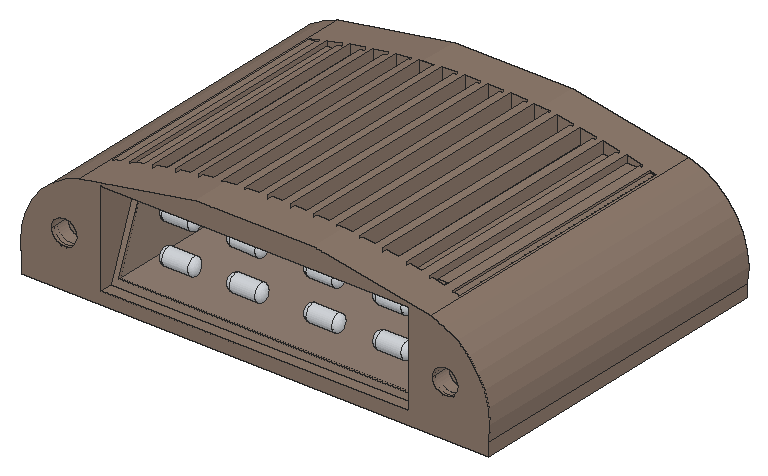
Revit family "CUSO", category Lighting Fixtures, host Face, Revit 2021
Family settings
  Host = Face
  Round Connector Dimension = Use Diameter
  Part Type = Normal
  OmniClass Number = 23.80.70.11.21
  OmniClass Title = Emergency Lighting
  Cut with Voids When Loaded = No
  Light Source = Yes
  Shared = No
  Room Calculation Point = No
Parameters (values of type "CUSO")
  Wattage = 9.2903 W
  Watt = 32 W
  Warranty = "5 year full unit warranty"
  built-in parameter 1150110 = 1 (stored number, unit not read)
  Voltage = 120 V
  Wattage Comments = "17-32 W"
  URL = "https://www.currentlighting.com/compass"
  built-in parameter 1114217 = 1 (stored number, unit not read)
  Tilt Angle = 90.00°
  built-in parameter 1150109 = 1 (stored number, unit not read)
  built-in parameter 1150134 = 3
  built-in parameter 1150113 = 1 (stored number, unit not read)
  Product Page URL = ""
  Product Documentation Link = ""
  Power Factor = 1
  Photometric Web File = "CUSO AC 3000K.ies"
  Model = "CUSO"  # constant formula
  Manufacturer = "Compass Products"  # constant formula
  built-in parameter 1150105 = 1173.2 (stored number, unit not read)
  Lumens = 1380 lm
  built-in parameter 1150115 = 1 (stored number, unit not read)
  Load Classification = Lighting
  built-in parameter 1150137 = (empty or 0)
  built-in parameter 1150139 = (empty or 0)
  built-in parameter 1150112 = 1 (stored number, unit not read)
  built-in parameter 1150114 = 1 (stored number, unit not read)
  Lamp = "LED Lamp"
  built-in parameter 1150132 = (empty or 0)
  built-in parameter 1150102 = (empty or 0)
  built-in parameter 1150107 = 3200 (stored number, unit not read)
  built-in parameter 1150138 = (empty or 0)
  built-in parameter 1150106 = 11.732 (stored number, unit not read)
  Features = "Includes self-diagnostic/self-test feature to monitor\r\nproper operation\r\n•\t Quick installation\r\n•\t Universal 120-277VAC input, 60Hz.\r\n•\t Includes long-life 7.2V Nickel Cadmium battery for UL\r\nrecognized 90 minute operation\r\n•\t Full re-charge within 24 hours\r\n•\t Provided with water-proof test switch and AC-On\r\nindicator\r\n•\t 0°C to 50°C Standard Model, -25°C to 50°C with\r\noptional heater\r\n•\t UL924 and Wet Location Listed"
  built-in parameter 1150104 = 13.8 (stored number, unit not read)
  Dimming Lamp Color Temperature Shift = <None>
  Description = "The CUSO Series is an architectural, low-profile outdoor light, offering normally on AC and emergency lighting with powerful LED illumination."  # constant formula
  Default Elevation = 48.000"
  Compliances & Listings = "UL924 Listed for Wet Location\r\nNFPA 101 and NFPA 70\r\nOSHA"
  Colour Option = CUSO Series : Dark Bronze
  Color Filter = 16777215
  built-in parameter 1114218 = 1 (stored number, unit not read)
  built-in parameter 1150133 = 10 (stored number, unit not read)
  Applications = "The CUSO Series can be applied in areas that are susceptible\r\nto rain and severe moisture like parking decks, and outdoor\r\ncommercial applications to meet all Path of Egress requirements."
  Apparent Load = Watt / Power Factor  # 32 VA
Reference planes (in)
  plane 1 "Center (Front/Back)": y = 0.03999
  plane 2: z = 0
  plane 3 "Center (Left/Right)": x = 1.66944
Dimensions and locks (in)
  aligned and locked: plane 2 to host face
  aligned and locked: level to host face
  aligned and locked: plane 3 "Center (Left/Right)" to nested 1
  aligned and locked: plane 1 "Center (Front/Back)" to nested 1
Nested families (in)
  nested 1: "CUSO Series" at (3.71711, 0, 0), type <- "Colour Option", type "Dark Bronze"
Connectors (in)
  electrical at (1.66944, 0.03999, 0), driven by "Voltage", driven by "Apparent Load", driven by "Power Factor", driven by "Load Classification"
    settings: on nested 1, index 1, voltage 120 V, apparent load 32 VA, apparent load phase1 0 VA, apparent load phase2 0 VA, apparent load phase3 0 VA, power factor 1, load classification "Lighting", number of poles 1, system type 30, power factor state 1, is connector primary yes, connector utility no, sub classification motor no, connector description "Lighting Connector"
Definition of nested family "CUSO Series"
  Parameters
    Wattage Comments = ""
    URL = ""
    Product Page URL = ""
    Product Documentation Link = ""
    Model = ""
    Manufacturer Phone = ""
    Manufacturer Fax = ""
    Manufacturer = ""
    Lamp = ""
    LED = none
    Glass = none
    Description = ""
    Default Elevation = 48.000"
    Backbox = none
  Reference planes (in)
    plane 1 "Center (Front/Back)": y = 0.03999
    plane 2: z = 0
    plane 3 "Center (Left/Right)": x = -2.04767
    plane 4: x = -6.59767
    plane 5: x = 2.50233
    plane 6: y = 3.18999
    plane 7: y = -3.11001
    plane 8: z = 2.5
    plane 9: z = 0.25
    plane 10: z = 2.0725
  Forms (in)
    Extrusion 1, solid
      sketch origin (0, 0, 0.06357) x (1, 0, 0) y (0, 1, 0)
        loop
          line (-50.04767, 48) -> (-50.04767, -48) -> (45.95233, -48) -> (45.95233, 48) -> (-50.04767, 48)
      from -0.06357 to -6.06357
    Extrusion 2, solid, material <- "Backbox"
      sketch origin (0, 0.03999, 0) x (1, 0, 0) y (0, 0, 1)
        loop
          line (-6.59767, 0) -> (2.50233, 0) -> (2.50233, 0.25) -> (-6.59767, 0.25) -> (-6.59767, 0)
      from -3.15 to 3.15
    Extrusion 3, solid, material <- "Backbox"
      sketch origin (0, 0.03999, 0) x (1, 0, 0) y (0, 0, 1)
        loop
          arc (2.50233, 0.25) -> (2.29218, 1.37673) -> (1.37255, 2.0608) r 1.57093
          arc (1.37255, 2.0608) -> (-2.04767, 2.51864) -> (-5.46789, 2.0608) r 13.00412
          arc (-5.46789, 2.0608) -> (-6.38752, 1.37673) -> (-6.59767, 0.25) r 1.57093
          line (-6.59767, 0.25) -> (2.50233, 0.25)
      from -3.15 to 3.15
    Extrusion 4, void
      sketch origin (-2.04767, 0, 0) x (0, 1, 0) y (0, 0, 1)
        loop
          line (-3.16736, 0.25) -> (-2.87501, 0.25) -> (-2.16736, 2.0725) -> (-3.16736, 2.0725) -> (-3.16736, 0.25)
      from -3 to 3
    Extrusion 5, void
      sketch origin (0, -3.11001, 0) x (-1, 0, 0) y (0, 0, 1)
        loop
          line (4.92267, 1.9475) -> (-0.82733, 1.9475) -> (-0.82733, 0.375) -> (4.92267, 0.375) -> (4.92267, 1.9475)
      from 0 to 5.98404
    Extrusion 6, solid, material <- "Glass"
      sketch origin (-2.04767, -2.05403, 2.36437) x (0, -0.361959, -0.932194) y (1, 0, 0)
        loop
          line (0.44719, -2.875) -> (2.13407, -2.875) -> (2.13407, 2.875) -> (0.44719, 2.875) -> (0.44719, -2.875)
      from -0.03 to -0.1
    Extrusion 7, void
      sketch origin (-8.48779, -180, 2.0725) x (0, -1, 0) y (-1, 0, 0)
        loop
          line (-182.43999, -2.79012) -> (-177.63999, -2.79012) -> (-177.63999, -2.49012) -> (-182.43999, -2.49012) -> (-182.43999, -2.79012)
        loop
          line (-177.63999, -2.94012) -> (-182.43999, -2.94012) -> (-182.43999, -3.24012) -> (-177.63999, -3.24012) -> (-177.63999, -2.94012)
        loop
          line (-177.63999, -3.39012) -> (-182.43999, -3.39012) -> (-182.43999, -3.69012) -> (-177.63999, -3.69012) -> (-177.63999, -3.39012)
        loop
          line (-177.63999, -3.84012) -> (-182.43999, -3.84012) -> (-182.43999, -4.14012) -> (-177.63999, -4.14012) -> (-177.63999, -3.84012)
        loop
          line (-177.63999, -4.29012) -> (-182.43999, -4.29012) -> (-182.43999, -4.59012) -> (-177.63999, -4.59012) -> (-177.63999, -4.29012)
        loop
          line (-177.63999, -4.74012) -> (-182.43999, -4.74012) -> (-182.43999, -5.04012) -> (-177.63999, -5.04012) -> (-177.63999, -4.74012)
        loop
          line (-177.63999, -5.19012) -> (-182.43999, -5.19012) -> (-182.43999, -5.49012) -> (-177.63999, -5.49012) -> (-177.63999, -5.19012)
        loop
          line (-177.63999, -5.64012) -> (-182.43999, -5.64012) -> (-182.43999, -5.94012) -> (-177.63999, -5.94012) -> (-177.63999, -5.64012)
        loop
          line (-177.63999, -6.09012) -> (-182.43999, -6.09012) -> (-182.43999, -6.39012) -> (-177.63999, -6.39012) -> (-177.63999, -6.09012)
        loop
          line (-177.63999, -6.54012) -> (-182.43999, -6.54012) -> (-182.43999, -6.84012) -> (-177.63999, -6.84012) -> (-177.63999, -6.54012)
        loop
          line (-177.63999, -6.99012) -> (-182.43999, -6.99012) -> (-182.43999, -7.29012) -> (-177.63999, -7.29012) -> (-177.63999, -6.99012)
        loop
          line (-177.63999, -7.44012) -> (-182.43999, -7.44012) -> (-182.43999, -7.74012) -> (-177.63999, -7.74012) -> (-177.63999, -7.44012)
        loop
          line (-177.63999, -7.89012) -> (-182.43999, -7.89012) -> (-182.43999, -8.19012) -> (-177.63999, -8.19012) -> (-177.63999, -7.89012)
        loop
          line (-177.63999, -8.34012) -> (-182.43999, -8.34012) -> (-182.43999, -8.64012) -> (-177.63999, -8.64012) -> (-177.63999, -8.34012)
        loop
          line (-177.63999, -8.79012) -> (-182.43999, -8.79012) -> (-182.43999, -9.09012) -> (-177.63999, -9.09012) -> (-177.63999, -8.79012)
        loop
          line (-177.63999, -9.24012) -> (-182.43999, -9.24012) -> (-182.43999, -9.54012) -> (-177.63999, -9.54012) -> (-177.63999, -9.24012)
        loop
          line (-177.63999, -9.69012) -> (-182.43999, -9.69012) -> (-182.43999, -9.99012) -> (-177.63999, -9.99012) -> (-177.63999, -9.69012)
        loop
          line (-177.63999, -10.09012) -> (-182.43999, -10.09012) -> (-182.43999, -10.39012) -> (-177.63999, -10.39012) -> (-177.63999, -10.09012)
      from 0 to -0.48187
    Extrusion 8, void
      sketch origin (0, -3.11001, 0) x (-1, 0, 0) y (0, 0, 1)
        loop
          circle (-1.6667, 1.01319) r 0.25
        loop
          circle (5.76204, 1.01319) r 0.25
      from 0 to 0.37675
    Extrusion 9, solid, material <- "Glass"
      sketch origin (0, -3.11001, 0) x (1, 0, 0) y (0, 0, 1)
        loop
          circle (1.6667, 1.01319) r 0.25
        loop
          circle (-5.76204, 1.01319) r 0.25
      from -0.05826 to -0.14768
    Revolve 10, solid, material <- "LED"
      sketch origin (-1.95392, -2.02317, 2.26722) x (0, -0.361959, -0.932194) y (1, 0, 0)
        loop
          line (0.79212, -2.52949) -> (0.79212, -1.80001)
          arc (0.79212, -1.80001) -> (0.68487, -1.82122) -> (0.62826, -1.91475) r 0.13539
          line (0.62826, -1.91475) -> (0.62826, -2.41475)
          arc (0.62826, -2.41475) -> (0.68487, -2.50828) -> (0.79212, -2.52949) r 0.13539
        axis (0.79212, -2.52949) -> (0.79212, -1.80001)
      angle from -179.773 to 0.646
    Revolve 11, solid, material <- "LED"
      sketch origin (-1.95392, -2.02317, 1.47677) x (0, -0.361959, -0.932194) y (1, 0, 0)
        loop
          line (0.79212, -2.52949) -> (0.79212, -1.80001)
          arc (0.79212, -1.80001) -> (0.68487, -1.82122) -> (0.62826, -1.91475) r 0.13539
          line (0.62826, -1.91475) -> (0.62826, -2.41475)
          arc (0.62826, -2.41475) -> (0.68487, -2.50828) -> (0.79212, -2.52949) r 0.13539
        axis (0.79212, -2.52949) -> (0.79212, -1.80001)
      angle from -179.773 to 0.646
    Revolve 12, solid, material <- "LED"
      sketch origin (-0.64299, -2.02317, 2.26722) x (0, -0.361959, -0.932194) y (1, 0, 0)
        loop
          line (0.79212, -2.52949) -> (0.79212, -1.80001)
          arc (0.79212, -1.80001) -> (0.68487, -1.82122) -> (0.62826, -1.91475) r 0.13539
          line (0.62826, -1.91475) -> (0.62826, -2.41475)
          arc (0.62826, -2.41475) -> (0.68487, -2.50828) -> (0.79212, -2.52949) r 0.13539
        axis (0.79212, -2.52949) -> (0.79212, -1.80001)
      angle from -179.773 to 0.646
    Revolve 13, solid, material <- "LED"
      sketch origin (-0.64299, -2.02317, 1.47677) x (0, -0.361959, -0.932194) y (1, 0, 0)
        loop
          line (0.79212, -2.52949) -> (0.79212, -1.80001)
          arc (0.79212, -1.80001) -> (0.68487, -1.82122) -> (0.62826, -1.91475) r 0.13539
          line (0.62826, -1.91475) -> (0.62826, -2.41475)
          arc (0.62826, -2.41475) -> (0.68487, -2.50828) -> (0.79212, -2.52949) r 0.13539
        axis (0.79212, -2.52949) -> (0.79212, -1.80001)
      angle from -179.773 to 0.646
    Revolve 14, solid, material <- "LED"
      sketch origin (0.85701, -2.02317, 2.26722) x (0, -0.361959, -0.932194) y (1, 0, 0)
        loop
          line (0.79212, -2.52949) -> (0.79212, -1.80001)
          arc (0.79212, -1.80001) -> (0.68487, -1.82122) -> (0.62826, -1.91475) r 0.13539
          line (0.62826, -1.91475) -> (0.62826, -2.41475)
          arc (0.62826, -2.41475) -> (0.68487, -2.50828) -> (0.79212, -2.52949) r 0.13539
        axis (0.79212, -2.52949) -> (0.79212, -1.80001)
      angle from -179.773 to 0.646
    Revolve 15, solid, material <- "LED"
      sketch origin (0.85701, -2.02317, 1.47677) x (0, -0.361959, -0.932194) y (1, 0, 0)
        loop
          line (0.79212, -2.52949) -> (0.79212, -1.80001)
          arc (0.79212, -1.80001) -> (0.68487, -1.82122) -> (0.62826, -1.91475) r 0.13539
          line (0.62826, -1.91475) -> (0.62826, -2.41475)
          arc (0.62826, -2.41475) -> (0.68487, -2.50828) -> (0.79212, -2.52949) r 0.13539
        axis (0.79212, -2.52949) -> (0.79212, -1.80001)
      angle from -179.773 to 0.646
    Revolve 16, solid, material <- "LED"
      sketch origin (2.20685, -2.02317, 2.26722) x (0, -0.361959, -0.932194) y (1, 0, 0)
        loop
          line (0.79212, -2.52949) -> (0.79212, -1.80001)
          arc (0.79212, -1.80001) -> (0.68487, -1.82122) -> (0.62826, -1.91475) r 0.13539
          line (0.62826, -1.91475) -> (0.62826, -2.41475)
          arc (0.62826, -2.41475) -> (0.68487, -2.50828) -> (0.79212, -2.52949) r 0.13539
        axis (0.79212, -2.52949) -> (0.79212, -1.80001)
      angle from -179.773 to 0.646
    Revolve 17, solid, material <- "LED"
      sketch origin (2.20685, -2.02317, 1.47677) x (0, -0.361959, -0.932194) y (1, 0, 0)
        loop
          line (0.79212, -2.52949) -> (0.79212, -1.80001)
          arc (0.79212, -1.80001) -> (0.68487, -1.82122) -> (0.62826, -1.91475) r 0.13539
          line (0.62826, -1.91475) -> (0.62826, -2.41475)
          arc (0.62826, -2.41475) -> (0.68487, -2.50828) -> (0.79212, -2.52949) r 0.13539
        axis (0.79212, -2.52949) -> (0.79212, -1.80001)
      angle from -179.773 to 0.646
  Cuts and joins
    Extrusion 4, Extrusion 7, Extrusion 8 cuts Extrusion 2
    Extrusion 4, Extrusion 5, Extrusion 7, Extrusion 8 cuts Extrusion 3
    joined: Extrusion 2, Extrusion 3
    Extrusion 7 cuts Extrusion 6
  Dimensions and locks (in)
    plane 6 to plane 7 = 6.300"  (x2)
    plane 4 to plane 3 "Center (Left/Right)" to plane 5 = 4.550", 4.550"
    plane 4 to plane 5 = 9.100"  (x2)
    plane 1 "Center (Front/Back)" to plane 6 = 3.150"
    plane 8 to Extrusion 1 = 2.500"  (x2)
    plane 4 to plane 3 "Center (Left/Right)" to plane 5 = 4.550" locked, 4.550" locked
    locked: plane 9 to Extrusion 1 at 0.25
    aligned and locked: plane 2 to Extrusion 1
    aligned and locked: level to Extrusion 1
    aligned and locked: Extrusion 2 sketch curve to level
    aligned and locked: plane 4 to Extrusion 2 sketch curve
    aligned and locked: Extrusion 2 sketch curve to plane 5
    aligned and locked: plane 9 to Extrusion 2
    aligned and locked: plane 7 to Extrusion 2
    aligned and locked: plane 6 to Extrusion 2
    aligned and locked: plane 10 to cut or joined group of Extrusion 2, Extrusion 3, Extrusion 4, Extrusion 5, Extrusion 7, Extrusion 8
    aligned and locked: Extrusion 8 to cut or joined group of Extrusion 6, Extrusion 7
    aligned and locked: Extrusion 9 sketch curve to cut or joined group of Extrusion 2, Extrusion 3, Extrusion 4, Extrusion 5, Extrusion 7, Extrusion 8  (x4)
